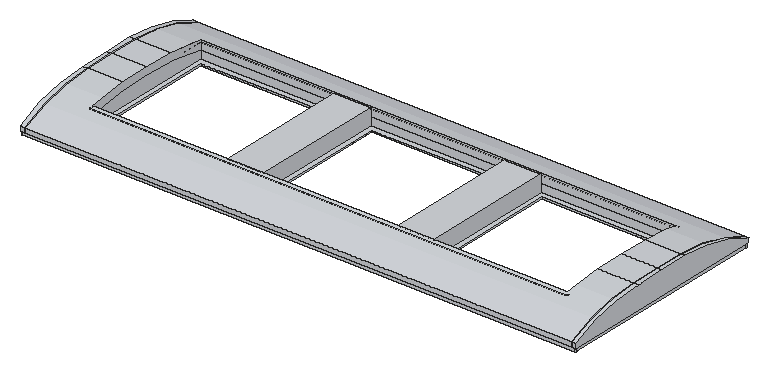
Revit family "Gira_0213803", category Electrical Fixtures, host Face, Revit 2017
Family settings
  Host = Face
  Maintain Annotation Orientation = No
  Round Connector Dimension = Use Diameter
  Part Type = Normal
  Cut with Voids When Loaded = No
  Shared = No
  Room Calculation Point = No
Parameters (values of type "Cov.fr. 3-g interm.fr. PW Gira Event p.white")
  With mounting grid = "No"
  With hinged lid = "No"
  URL = "http://katalog.gira.de/en/datenblatt.html?artikelnr=0213803"
  Type of fastening = "Clamp mounting"
  Transparent = "No"
  Surface protection = "Other"
  Suitable for wall duct = "No"
  Suitable for flush-mounted installation = "Yes"
  Suitable for floor box = "No"
  Suitable for built-in installation = "No"
  Number of units vertical = "3"
  Number of units horizontal = "3"
  Number of units = "3"
  Name = "Cov.fr. 3-g interm.fr. PW Gira Event p.white"
  Mounting direction = "Horizontal and vertical"
  Material quality = "Thermoplastic"
  Material = "Plastic"
  Manufacturer URL = "https://www.gira.de/"
  Manufacturer = "Gira"
  Label space/information surface = "No"
  Keynote = ""
  HeinzeBIM = "https://bimportal.heinze.de/bim/cov-fr-3-g-interm-fr-pw-gira-event-p-white/1c35fc84ea9571fddd631f300d3196bc1158f4da"
  Halogen free = "Yes"
  HAN = "0213803"
  GTIN = "4010337069980"
  Description = "Cov.fr.3g i.fr.PW Event PW,Gira Event frames,pure white glossy with pure white glossy intermediate frame,3-gang,Features:,- Shatter-proof."
  Degree of protection (IP) = "IP20"
  Default Elevation = 1219.2 mm
  Data sheet (1) = "https://katalog.gira.de/en/download.html?artikelnr=0213803"
  Colour = "White"
  Category = "Cover frame for domestic switching devices"
  BIM (1) = "https://media.stage.bim.site/public/gira/36a6b08/Event_Rahmen_3fach.rfa"
  Available = "No"
Reference planes
  plane 1 "Center (Front/Back)": y = 0
  plane 2: z = 0
  plane 3 "Center (Left/Right)": x = 0
Forms (mm)
  Extrusion 1, solid, detail levels fine
    sketch origin (0, 0, 0.05) x (0, 1, 0) y (0, 0, 1)
      loop
        arc (12.445, 9.683) -> (6.223, 9.833) -> (0, 9.85) r 291.636
        arc (0, 9.85) -> (-6.223, 9.833) -> (-12.445, 9.683) r 291.636
        arc (-12.445, 9.683) -> (-29.14, 7.482) -> (-45, 1.823) r 79.728
        line (-45, 1.823) -> (-45, -0.05) -> (-42.086, -0.05)
        arc (-42.086, -0.05) -> (-21.385, 5.559) -> (0, 7.206) r 114.424
        arc (0, 7.206) -> (21.385, 5.559) -> (42.086, -0.05) r 114.424
        line (42.086, -0.05) -> (45, -0.05) -> (45, 1.823)
        arc (45, 1.823) -> (29.14, 7.482) -> (12.445, 9.683) r 79.728
    from -114.3 to 114.3
  Extrusion 2, void, detail levels fine
    sketch origin (0, 0, 0) x (1, 0, 0) y (0, 1, 0)
      loop
        line (-99.355, -28.053) -> (99.355, -28.053) -> (99.355, 28.053) -> (-99.355, 28.053) -> (-99.355, -28.053)
    from 0.724 to 11
  Extrusion 3, solid, detail levels coarse
    sketch origin (0, 0, 0) x (1, 0, 0) y (0, 1, 0)
      loop
        line (-116.3, 45) -> (-116.3, -45) -> (116.3, -45) -> (116.3, 45) -> (-116.3, 45)
    from -1.5 to 9.9
  Extrusion 4, solid, detail levels medium
    sketch origin (0, 0, 0.05) x (0, 1, 0) y (0, 0, 1)
      loop
        arc (12.445, 9.683) -> (6.223, 9.833) -> (0, 9.85) r 291.636
        arc (0, 9.85) -> (-6.223, 9.833) -> (-12.445, 9.683) r 291.636
        arc (-12.445, 9.683) -> (-29.14, 7.482) -> (-45, 1.823) r 79.728
        line (-45, 1.823) -> (-45, -0.05) -> (45, -0.05) -> (45, 1.823)
        arc (45, 1.823) -> (29.14, 7.482) -> (12.445, 9.683) r 79.728
    from -116.3 to 116.3
  Extrusion 5, solid, detail levels fine
    sketch origin (-71.3, 0, -1.5) x (0, 1, 0) y (0, 0, -1)
      loop
        line (45, -3.373) -> (45, -1.5) -> (-45, -1.5) -> (-45, -3.373)
        arc (-45, -3.373) -> (-29.14, -9.032) -> (-12.445, -11.233) r 79.728
        arc (-12.445, -11.233) -> (-6.223, -11.383) -> (0, -11.4) r 291.636
        arc (0, -11.4) -> (6.223, -11.383) -> (12.445, -11.233) r 291.636
        arc (12.445, -11.233) -> (29.14, -9.032) -> (45, -3.373) r 79.728
    from 43 to 45
  Extrusion 6, solid, detail levels fine
    sketch origin (0, 0, 0) x (1, 0, 0) y (0, 1, 0)
      loop
        line (-97.195, 25.7) -> (-97.195, -25.7) -> (-45.395, -25.7) -> (-45.395, 25.7) -> (-97.195, 25.7)
      loop
        line (25.9, -25.7) -> (25.9, 25.7) -> (-25.9, 25.7) -> (-25.9, -25.7) -> (25.9, -25.7)
      loop
        line (-100.19, 28.49) -> (-100.19, -28.495)
        spline (-100.19, -28.495) -> (-100.181, -28.625) -> (-100.156, -28.754) -> (-100.113, -28.878) -> (-100.056, -28.995) -> (-99.983, -29.104) -> (-99.897, -29.202) -> (-99.798, -29.288) -> (-99.69, -29.361) -> (-99.572, -29.419) -> (-99.448, -29.461) -> (-99.32, -29.486) -> (-99.19, -29.495)
        line (-99.19, -29.495) -> (99.195, -29.495)
        spline (99.195, -29.495) -> (99.325, -29.486) -> (99.454, -29.461) -> (99.578, -29.419) -> (99.695, -29.361) -> (99.804, -29.288) -> (99.902, -29.202) -> (99.988, -29.104) -> (100.061, -28.995) -> (100.119, -28.878) -> (100.161, -28.754) -> (100.186, -28.625) -> (100.195, -28.495)
        line (100.195, -28.495) -> (100.195, 28.49)
        spline (100.195, 28.49) -> (100.186, 28.62) -> (100.161, 28.748) -> (100.119, 28.872) -> (100.061, 28.99) -> (99.988, 29.098) -> (99.902, 29.197) -> (99.804, 29.283) -> (99.695, 29.356) -> (99.578, 29.413) -> (99.454, 29.456) -> (99.325, 29.481) -> (99.195, 29.49)
        line (99.195, 29.49) -> (-99.19, 29.49)
        spline (-99.19, 29.49) -> (-99.32, 29.481) -> (-99.448, 29.456) -> (-99.572, 29.413) -> (-99.69, 29.356) -> (-99.798, 29.283) -> (-99.897, 29.197) -> (-99.983, 29.098) -> (-100.056, 28.99) -> (-100.113, 28.872) -> (-100.156, 28.748) -> (-100.181, 28.62) -> (-100.19, 28.49)
      loop
        line (97.2, -25.7) -> (97.2, 25.7) -> (45.4, 25.7) -> (45.4, -25.7) -> (97.2, -25.7)
    from 0.1 to 7.3
  Extrusion 7, solid
    sketch origin (0, 0, 0) x (1, 0, 0) y (0, 1, 0)
      loop
        arc (-116, -44.2) -> (-115.854, -44.554) -> (-115.5, -44.7) r 0.5
        line (-115.5, -44.7) -> (115.5, -44.7)
        arc (115.5, -44.7) -> (115.854, -44.554) -> (116, -44.2) r 0.5
        line (116, -44.2) -> (116, 44.2)
        arc (116, 44.2) -> (115.854, 44.554) -> (115.5, 44.7) r 0.5
        line (115.5, 44.7) -> (-115.5, 44.7)
        arc (-115.5, 44.7) -> (-115.854, 44.554) -> (-116, 44.2) r 0.5
        line (-116, 44.2) -> (-116, -44.2)
      loop
        line (-114.3, 43) -> (-114.3, -43) -> (114.3, -43) -> (114.3, 43) -> (-114.3, 43)
    from -1.5 to 0.5
  Extrusion 8, solid, detail levels fine
    sketch origin (71.3, 0, -1.5) x (0, 1, 0) y (0, 0, 1)
      loop
        arc (45, 3.373) -> (29.14, 9.032) -> (12.445, 11.233) r 79.728
        arc (12.445, 11.233) -> (6.223, 11.383) -> (0, 11.4) r 291.636
        arc (0, 11.4) -> (-6.223, 11.383) -> (-12.445, 11.233) r 291.636
        arc (-12.445, 11.233) -> (-29.14, 9.032) -> (-45, 3.373) r 79.728
        line (-45, 3.373) -> (-45, 1.5) -> (45, 1.5) -> (45, 3.373)
    from 43 to 45
  Extrusion 9, solid, detail levels medium
    sketch origin (0, 0, 0) x (1, 0, 0) y (0, 1, 0)
      loop
        line (-116, -44.7) -> (116, -44.7) -> (116, 44.7) -> (-116, 44.7) -> (-116, -44.7)
    from -1.5 to 0.5
  Extrusion 10, solid, detail levels fine
    sketch origin (-34.207, 0, 0) x (1, 0, 0) y (0, 1, 0)
      loop
        line (-8.943, 28.063) -> (-8.943, -27.937) -> (6.057, -27.937) -> (6.057, 28.063) -> (-8.943, 28.063)
    from 0.724 to 7.566
  Extrusion 11, solid, detail levels fine
    sketch origin (34.207, 0, 0) x (-1, 0, 0) y (0, -1, 0)
      loop
        line (-8.943, -28.063) -> (6.057, -28.063) -> (6.057, 27.937) -> (-8.943, 27.937) -> (-8.943, -28.063)
    from 0.724 to 7.566
Cuts and joins
  Extrusion 2 cuts Extrusion 1
  Extrusion 2 cuts Extrusion 6
Dimensions and locks
  aligned and locked: plane 2 to host face
  aligned and locked: level to host face
